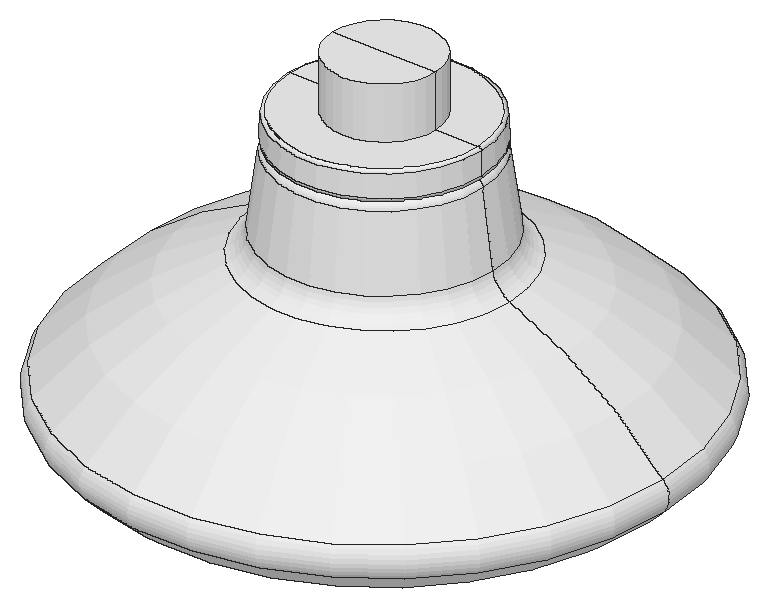
Revit family "Shower_Head-GROHE-Euphoria_110_Massage-27247_Series", category Plumbing Fixtures, Revit 2014
Parameters (values of type "27247001")
  cUPC Compliant = yes
  Width = 4 85/256"  # constant formula
  Waste Connection = no
  Warranty Documentation Link = "https://cdn.cloud.grohe.com/tpi/1000/1900/1940/1949/1949006/original/1949006.pdf"
  WFU = 4
  Vent Connection = no
  URL = "https://www.grohe.us/"
  Tempered Water Connection Radius = 1/4"  # constant formula
  Tempered Water Connection Diameter = Tempered Water Connection Radius * 2  # 1/2"
  Product Page URL = "https://www.grohe.us/en_us/euphoria-110-massage-shower-head-3-sprays-27247001.html"
  Price = "Prices may vary. Please consult Manufacturer Representative for most up-to-date price list."  # constant formula
  Model = "27247001"
  Material = "Metal-Grohe-001-Chrome"
  Manufacturer = "GROHE"
  Hot Water Connection Radius = Tempered Water Connection Radius  # 1/4"
  Hot Water Connection Diameter = Hot Water Connection Radius * 2  # 1/2"
  Height = 3 3/16"  # constant formula
  HWFU = 3
  HW Connection = yes
  Flow Rate = "2.0GPM (7.6L/min)"
  Finish = Metal-Grohe-001-Chrome
  Description = "Euphoria 110 Massage"  # constant formula
  Default Elevation = 0"
  Creation Date = "2017/04/21"  # constant formula
  Cold Water Connection Radius = Hot Water Connection Radius  # 1/4"
  Cold Water Connection Diameter = Cold Water Connection Radius * 2  # 1/2"
  CWFU = 3
  CW Connection = yes
  Assembly Code = "D2010700"
Types (3): name | Product Page URL | Model | Material | Finish
  (no name) | "https://www.grohe.us/en_us/euphoria-110-massage-shower-head-3-sprays-27247001.html" | "27247001" | "Metal-Grohe-001-Chrome" | Metal-Grohe-001-Chrome
  27247001 | "https://www.grohe.us/en_us/euphoria-110-massage-shower-head-3-sprays-27247001.html" | "27247001" | "Metal-Grohe-001-Chrome" | Metal-Grohe-001-Chrome
  27247EN1 | "https://www.grohe.us/en_us/euphoria-110-massage-shower-head-3-sprays-27247EN1.html" | "27247EN1" | "Metal-Grohe-EN1-Brushed Nickel" | Metal-Grohe-EN1-Brushed Nickel
Reference planes (in)
  plane 1 "Center (Front/Back)": y = 0
  plane 2: z = 0
  plane 3 "Center (Left/Right)": x = 0
  plane 4: z = -3.1875
  plane 5: x = -2.16602
  plane 6: x = 2.16602
Forms (in)
  Revolve 1, solid, material "Metal-Grohe-001-Chrome" <- "Finish"
    sketch origin (0, 0, 0) x (1, 0, 0) y (0, 0, 1)
      loop
        line (0, 0) -> (-0.39087, 0) -> (-0.39087, -0.39286) -> (-0.71428, -0.39286)
        arc (-0.71428, -0.39286) -> (-0.73108, -0.39964) -> (-0.73846, -0.4162) r 0.02419
        line (-0.73846, -0.4162) -> (-0.74426, -0.58246)
        arc (-0.74426, -0.58246) -> (-0.73697, -0.60145) -> (-0.71825, -0.60939) r 0.02602
        line (-0.71825, -0.60939) -> (-0.68665, -0.60939)
        arc (-0.68665, -0.60939) -> (-0.72881, -0.62516) -> (-0.75029, -0.66472) r 0.06427
        line (-0.75029, -0.66472) -> (-0.82567, -1.20108)
        arc (-0.82567, -1.20108) -> (-0.86831, -1.30081) -> (-0.95542, -1.36542) r 0.20756
        arc (-0.95542, -1.36542) -> (-1.5852, -1.70038) -> (-2.12199, -2.17013) r 3.10719
        arc (-2.12199, -2.17013) -> (-2.16597, -2.28488) -> (-2.12086, -2.39919) r 0.16952
        arc (-2.12086, -2.39919) -> (-2.02061, -2.4955) -> (-1.90977, -2.57941) r 1.18487
        line (-1.90977, -2.57941) -> (-1.85426, -2.57941)
        arc (-1.85426, -2.57941) -> (-1.11761, -2.92033) -> (-0.32289, -3.08557) r 3.5612
        arc (-0.32289, -3.08557) -> (-0.29304, -3.15765) -> (-0.22096, -3.1875) r 0.10193
        line (-0.22096, -3.1875) -> (0, -3.1875) -> (0, 0)
      axis (0, 0) -> (0, -3.1875)
    angle from 0 to 360
  Extrusion 2, solid, material "Metal-Grohe-001-Chrome" <- "Finish"
    sketch origin (0.02344, 0, 0) x (1, 0, 0) y (0, 0, 1)
      loop
        circle (-1.45465, -2.63072) r 0.38575
    from -0.14717 to 0.14828
Cuts and joins
  joined: Revolve 1, Extrusion 2
Lines and regions (in)
  Masking region 1
    outline origin (0, 0, 0) x (1, 0, 0) y (0, 1, 0)
      loop
        circle (0, 0) r 2.1684
  model lines, style "Default"
    curve 1: line (0, -8.39698, 41.71415) -> (0, -8.39698, 41.7352)
  symbolic lines, detail levels medium+fine
    curve 2: circle (0, 0, 0) r 0.39087 normal (0, 0, 1)
  symbolic lines, detail levels fine
    curve 3: circle (0, 0, 0) r 0.32289 normal (0, 0, 1)
Dimensions and locks (in)
  "Height": level to plane 4
  equal spacing: plane 6, plane 3 "Center (Left/Right)", plane 5
  "Width": plane 6 to plane 5
  aligned and locked: Revolve 1 sketch curve to plane 3 "Center (Left/Right)"
Automatic sketch dimensions
  plane 1 "Center (Front/Back)" to curve 1 = 8.39698"
  level to curve 1 = 41.71415"
  curve 1 to curve 1 = 0.02105"
  Revolve 1 sketch curve to level = 0"
  Revolve 1 sketch curve to plane 4 = 0"
  Revolve 1 sketch curve to plane 3 "Center (Left/Right)" = 0"  (x2)
  Revolve 1 sketch curve to plane 3 "Center (Left/Right)" = 0.22096"
  Revolve 1 sketch curve to Revolve 1 sketch curve = 0.39087"
  Revolve 1 sketch curve to Revolve 1 sketch curve = 0.29578"
  Revolve 1 sketch curve to Revolve 1 sketch curve = 0.02764"
  Revolve 1 sketch curve to Revolve 1 sketch curve = 0.03161"
  Revolve 1 sketch curve to level = 0.4162"
  Revolve 1 sketch curve to Revolve 1 sketch curve = 0.02417"
  Revolve 1 sketch curve to level = 0.58246"
  Revolve 1 sketch curve to Revolve 1 sketch curve = 0.02601"
  Revolve 1 sketch curve to Revolve 1 sketch curve = 0.03204"
  Revolve 1 sketch curve to Revolve 1 sketch curve = 0.07538"
  Revolve 1 sketch curve to Revolve 1 sketch curve = 0.20554"
  Revolve 1 sketch curve to Revolve 1 sketch curve = 0.22007"
  plane 5 to Revolve 1 sketch curve = 0.31176"
  Revolve 1 sketch curve to Revolve 1 sketch curve = 0.05551"
  plane 5 to Revolve 1 sketch curve = 0.16957"
  plane 3 "Center (Left/Right)" to Revolve 1 sketch curve = 0.17912"
  Revolve 1 sketch curve to plane 4 = 1.07057"
  Revolve 1 sketch curve to Revolve 1 sketch curve = 0.10193"
  Revolve 1 sketch curve to Revolve 1 sketch curve = 0.50616"
  Revolve 1 sketch curve to Revolve 1 sketch curve = 0.29537"
  Revolve 1 sketch curve to Revolve 1 sketch curve = 0.68967"
  Revolve 1 sketch curve to Revolve 1 sketch curve = 0.39329"
  Revolve 1 sketch curve to Revolve 1 sketch curve = 0.02889"
  Revolve 1 sketch curve to Revolve 1 sketch curve = 0.0912"
  Revolve 1 sketch curve to Revolve 1 sketch curve = 0.00894"
  Revolve 1 sketch curve to Revolve 1 sketch curve = 0.00084"
  Revolve 1 sketch curve to Revolve 1 sketch curve = 0"  (x2)
  Revolve 1 sketch curve to Revolve 1 sketch curve = 0.63409"
  Revolve 1 sketch curve to Revolve 1 sketch curve = 0.65494"
  plane 5 to Extrusion 2 sketch curve = 0.7348"
  plane 4 to Extrusion 2 sketch curve = 0.55678"
  plane 1 "Center (Front/Back)" to Masking region 1 sketch curve = 0"
  Masking region 1 sketch curve to plane 3 "Center (Left/Right)" = 0"
  curve 2 to curve 3 = 0"  (x2)
  plane 1 "Center (Front/Back)" to curve 3 = 0"
  curve 3 to plane 3 "Center (Left/Right)" = 0"
  radius of Extrusion 2 sketch curve = 0.38575"
  radius of Masking region 1 sketch curve = 2.1684"
  radius of curve 2 = 0.39087"
  radius of curve 3 = 0.32289"
Connectors (in)
  piping at (0, 0, 0), diameter 0.5, driven by "Tempered Water Connection Diameter"
    settings: on cut or joined group of Revolve 1, Extrusion 2, index 1, connector inside diameter 24", connector length 0", flow factor 0, pipe flow 0 GPM, pressure drop 0.00 psi, fitting loss kfactor 0, connector angle 0.00°, fixture units 0, engagement length 0", angle of deflection 0.00°, flow configuration 0, flow direction 1, fitting loss method 0, system type 29, joint type 0, gender type 0, connector reference index -1, connector utility 0, adjustable connector no, is connector primary yes, connector description "1/2\" NPT Supply INlet"
